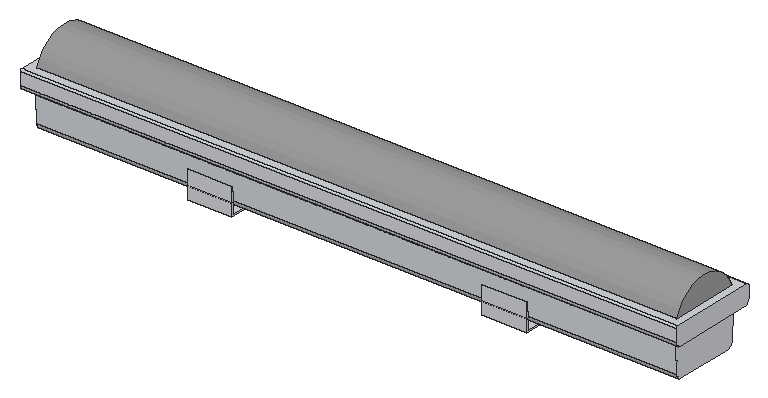
Revit family "0010202", category Lighting Fixtures, host Face, Revit 2017 (continued)
Types (60, lengths in mm): name | Weight | Wattage | TypeName | built-in parameter 1150134 | Photometric Web File | built-in parameter 1150142 | PowerFactor | PowerConsumption | NominalLength | Name | ModelReference | ModelNumber | Model | LuminousEfficacy | built-in parameter 1150105 | Lumens | LampNominalLuminous | LampMacAdamStep | LampColourTemperature | LENGHT_SYL | LENGHT_CHAMFER_SYL | LENGHT-_SYL | LENGHT-_CHAMFER_SYL | L0650_SYL | L1500_SYL | L1200_SYL | built-in parameter 1150107 | built-in parameter 1150106 | built-in parameter 1150104 | DocumentationLiterature | Description | BRACKET_WIDTH_SYL | BRACKET_DIST_SYL | Apparent Load
  0010244 RESISTO 1500 IP66 7100LM 840 | "15.48 kg" | 52 W | "Resisto  1500 IP66 7100lm 840" | 12 | "0010244.ies" | "IESNA:LM-63-2002\r\n[TEST] 0010244\r\n[TESTLAB] Sylvania\r\n[TESTDATE] 3 Nov 2020\r\n[ISSUEDATE] 3 Nov 2020\r\n[MANUFAC] Sylvania\r\n[LUMCAT] 0010244\r\n[LUMINAIRE] Resisto  1500 IP65 7100lm 840\r\n[FLASHAREA] 0.089789\r\n[LAMPCAT] 0010244 Resisto  1500 IP65 7100lm 840\r\n[LAMP] 0010244 Resisto  1500 IP65 7100lm 840\r\n[OTHER] Absolute Photometry\r\nTILT=NONE\r\n1 -1 1.0 37 5 1 2 0.087 1.500 0.040\r\n1.00 1.00 52.00\r\n0.00 5.00 10.00 15.00 20.00 25.00 30.00 35.00 40.00 45.00 \r\n50.00 55.00 60.00 65.00 70.00 75.00 80.00 85.00 90.00 \r\n95.00 100.00 105.00 110.00 115.00 120.00 125.00 130.00 \r\n135.00 140.00 145.00 150.00 155.00 160.00 165.00 170.00 \r\n175.00 180.00 \r\n0.00 22.50 45.00 67.50 90.00 \r\n2367.47 2356.02 2324.76 2272.20 2198.63 2105.24 1987.17 \r\n1846.52 1688.18 1517.62 1338.36 1156.08 971.57 783.85 \r\n591.59 393.32 202.43 52.39 6.01 6.30 6.57 6.76 7.10 7.68 \r\n8.39 9.20 10.13 11.16 12.31 13.49 14.68 15.88 17.00 18.00 \r\n18.82 19.40 19.74 \r\n2367.47 2349.24 2296.67 2224.41 2147.44 2064.85 1969.74 \r\n1864.14 1753.47 1637.55 1496.04 1306.61 1062.42 799.80 \r\n568.49 386.68 253.61 155.92 88.10 42.34 20.69 8.20 8.36 \r\n8.98 9.63 10.20 10.85 11.66 12.58 13.56 14.58 15.60 16.62 \r\n17.58 18.40 19.03 19.74 \r\n2367.47 2328.60 2259.79 2218.67 2171.13 2138.40 2120.20 \r\n2071.15 1967.59 1757.24 1446.66 1125.84 867.94 675.23 \r\n529.82 419.20 329.31 252.14 190.91 142.68 97.88 59.77 \r\n33.65 17.18 13.00 13.06 13.10 13.13 13.40 14.02 14.79 \r\n15.60 16.48 17.37 18.17 18.79 19.74 \r\n2367.47 2314.26 2259.55 2234.81 2232.44 2253.44 2231.61 \r\n2133.96 1911.56 1589.01 1283.83 1043.67 851.91 704.01 \r\n595.10 503.61 411.49 330.33 264.35 193.78 120.32 80.62 \r\n53.27 34.65 21.87 14.63 14.47 14.48 14.40 14.43 14.88 \r\n15.65 16.45 17.33 18.17 18.86 19.74 \r\n2367.47 2303.57 2263.14 2242.32 2275.54 2286.48 2253.15 \r\n2110.69 1838.62 1518.82 1247.27 1030.13 856.34 727.33 \r\n628.76 536.67 440.52 354.88 277.57 188.41 117.32 83.97 \r\n59.81 43.31 30.25 20.51 17.63 17.42 17.29 17.13 17.24 \r\n17.82 18.54 19.20 19.71 19.97 19.74 \r\n" | 0.95 | "52.0 W" | 1500 | "Resisto  1500 IP66 7100lm 840" | "Resisto  1500 IP66 7100lm 840" | "0010244" | "Resisto  1500 IP66 7100lm 840" | "137 lm/W" | -16865856.3 (stored number, unit not read) | 7124 lm | "7100 lm" | "5" | "4000 K" | 742 | 750 | -742 | -750 | no | yes | no | 4000 (stored number, unit not read) | -168658.6 (stored number, unit not read) | 12.728 (stored number, unit not read) | "http://www.sylvania-lighting.com/product/en-int/products/0010244" | "Resisto, integrated LED weatherproof luminaire, with UV stabilized flat diffuser designed to achieve uniform lit appearance, optimise light output and to reduce glare. 301 stainless steel diffuser clips and fixing brackets for surface mounting. Polycarbonate housing and diffuser - no yellow discolouration over time. 7100lm; 52W; 137lm/W; 4000K; SDCM<5; non dimmable; CRI80; IP66; IK08; Class I; 69,000hrs (L80B20) lifespan; 1500mm x 89mm x 88mm; D-mark." | 550 | 594 | 52 VA
  0010243 RESISTO 1500 IP66 4000LM 840 | "1.87 kg" | 30 W | "Resisto  1500 IP66 4000lm 840" | 12 | "0010243.ies" | "IESNA:LM-63-2002\r\n[TEST] 0010243\r\n[TESTLAB] Sylvania\r\n[TESTDATE] 27 Jan 2000\r\n[ISSUEDATE] 27 Jan 2000\r\n[MANUFAC] Sylvania\r\n[LUMCAT] 0010243\r\n[LUMINAIRE] RESISTO 1500 IP66 4000LM 840\r\n[FLASHAREA] 0.089789\r\n[LAMPCAT] 0010243 RESISTO 1500 IP66 4000LM 840\r\n[LAMP] 0010243 RESISTO 1500 IP66 4000LM 840\r\nTILT=NONE\r\n1 4000.00 1.0 37 5 1 2 1.500 0.087 0.040\r\n1.00 1.00 30.00\r\n0.00 5.00 10.00 15.00 20.00 25.00 30.00 35.00 40.00 45.00 \r\n50.00 55.00 60.00 65.00 70.00 75.00 80.00 85.00 90.00 \r\n95.00 100.00 105.00 110.00 115.00 120.00 125.00 130.00 \r\n135.00 140.00 145.00 150.00 155.00 160.00 165.00 170.00 \r\n175.00 180.00 \r\n0.00 22.50 45.00 67.50 90.00 \r\n1286.32 1268.98 1235.94 1226.29 1235.67 1250.19 1239.32 \r\n1175.04 1040.45 866.98 712.81 589.01 489.23 414.91 359.03 \r\n307.98 254.03 204.75 161.70 113.20 70.90 50.03 36.06 \r\n26.60 18.72 12.48 9.85 9.61 9.50 9.38 9.42 9.69 10.16 \r\n10.56 10.83 10.95 10.79 \r\n1286.32 1269.18 1235.63 1223.42 1220.13 1235.35 1227.78 \r\n1181.71 1069.65 900.02 732.90 597.68 489.39 405.10 343.03 \r\n291.50 239.47 192.43 153.86 115.48 71.85 48.58 32.57 \r\n22.01 14.17 8.83 8.00 7.93 7.85 7.85 8.00 8.44 8.95 9.42 \r\n9.85 10.24 10.79 \r\n1286.32 1274.98 1239.36 1214.05 1191.84 1175.16 1166.84 \r\n1143.50 1092.49 985.60 822.80 647.44 502.77 392.94 309.79 \r\n246.89 196.15 151.66 115.40 87.74 60.74 37.94 22.29 12.12 \r\n7.49 7.34 7.26 7.26 7.26 7.53 7.97 8.44 8.91 9.38 9.81 \r\n10.16 10.79 \r\n1286.32 1282.32 1258.98 1221.89 1180.54 1135.49 1084.05 \r\n1028.02 970.22 909.44 836.65 737.53 606.12 461.80 332.78 \r\n230.45 154.88 99.39 59.45 31.04 16.01 6.67 4.67 5.06 5.38 \r\n5.65 5.96 6.36 6.83 7.34 7.89 8.44 9.02 9.50 9.93 10.32 \r\n10.79 \r\n1286.32 1282.05 1267.10 1242.22 1204.20 1153.46 1089.97 \r\n1014.52 929.92 838.89 742.83 644.50 545.22 444.30 341.18 \r\n234.41 129.17 41.04 3.45 3.45 3.57 3.65 3.69 4.00 4.43 \r\n4.87 5.38 5.93 6.55 7.22 7.89 8.55 9.18 9.77 10.20 10.56 \r\n10.79 \r\n" | 0.95 | "30 W" | 1500 | "Resisto  1500 IP66 4000lm 840" | "Resisto  1500 IP66 4000lm 840" | "0010243" | "Resisto  1500 IP66 4000lm 840" | "133 lm/W" | 1283.1 (stored number, unit not read) | 3990 lm | "4000 lm" | "5" | "4000 K" | 742 | 750 | -742 | -750 | no | yes | no | 4000 (stored number, unit not read) | 12.831 (stored number, unit not read) | 12.356 (stored number, unit not read) | "http://www.sylvania-lighting.com/product/en-int/products/0010243" | "Resisto, integrated LED weatherproof luminaire, with UV stabilized flat diffuser designed to achieve uniform lit appearance, optimise light output and to reduce glare. 301 stainless steel diffuser clips and fixing brackets for surface mounting. Polycarbonate housing and diffuser - no yellow discolouration over time. 4000lm; 30W; 133lm/W; 4000K; SDCM<5; non dimmable; CRI80; IP66; IK08; Class I; 69,000hrs (L80B20) lifespan; 1500mm x 89mm x 88mm; D-mark." | 550 | 594 | 30 VA
  0010242 RESISTO 1500 IP66 8300LM 830 | "1.95 kg" | 61 W | "Resisto  1500 IP66 8300lm 830" | (empty or 0) | "0010242.ies" | "IESNA:LM-63-2002\r\n[TEST] 0010242\r\n[TESTLAB]\r\n[MANUFAC] \r\n[LUMCAT]\r\n[LUMINAIRE] Resisto  1500 IP66 8300lm 830  /3000 \r\n[LAMP] 0010242 Resisto  1500 IP66 830/3000\r\n[BALLAST] \r\n[ISSUEDATE]\r\n[OTHER] B-Angle = 0.00 B-Tilt = 0.00 2021-02-16\r\nTILT=NONE\r\n1 8300.00 1 37 5 1 2 0.087 1.500 0.040\r\n1.0 1.0 61.00\r\n   0.00   5.00  10.00  15.00  20.00  25.00  30.00  35.00  40.00  45.00\r\n  50.00  55.00  60.00  65.00  70.00  75.00  80.00  85.00  90.00  95.00\r\n 100.00 105.00 110.00 115.00 120.00 125.00 130.00 135.00 140.00 145.00\r\n 150.00 155.00 160.00 165.00 170.00 175.00 180.00\r\n   0.00  22.50  45.00  67.50  90.00\r\n    2794.11    2777.43    2737.84    2672.02    2584.70    2469.75    2325.99\r\n    2158.25    1971.91    1771.55    1562.47    1349.33    1134.94     915.49\r\n     690.23     457.99     236.05      63.83       7.39       7.72       8.05\r\n       8.30       8.47       9.21      10.04      11.12      12.20      13.45\r\n      14.86      16.27      17.76      19.26      20.50      21.66      22.66\r\n      23.41      23.74\r\n    2794.11    2766.39    2701.24    2614.58    2523.45    2425.18    2311.22\r\n    2185.47    2055.91    1917.63    1746.65    1516.74    1223.75     916.65\r\n     650.47     441.56     288.59     177.04      99.43      46.89      23.24\r\n       9.71      10.04      10.79      11.62      12.28      13.03      14.03\r\n      15.11      16.27      17.51      18.76      19.92      21.00      21.91\r\n      22.66      23.74\r\n    2794.11    2741.99    2662.31    2613.09    2558.06    2525.86    2501.79\r\n    2443.11    2306.74    2041.38    1666.39    1295.71    1000.73     780.03\r\n     613.29     486.38     381.80     291.41     220.53     164.17     110.89\r\n      67.81      38.18      19.92      15.44      15.52      15.60      15.60\r\n      16.02      16.77      17.68      18.59      19.59      20.58      21.50\r\n      22.24      23.74\r\n    2794.11    2726.96    2665.96    2636.83    2646.95    2668.12    2640.56\r\n    2510.25    2225.56    1840.69    1490.60    1214.54     994.42     826.18\r\n     700.93     591.71     482.31     386.78     307.76     220.53     135.79\r\n      92.05      61.59      40.59      25.65      17.35      17.10      17.10\r\n      17.01      17.10      17.68      18.59      19.42      20.42      21.41\r\n      22.24      23.74\r\n    2794.11    2719.08    2674.92    2652.85    2699.66    2715.59    2670.03\r\n    2485.19    2145.30    1768.73    1455.90    1204.50    1006.04     859.05\r\n     744.51     633.79     519.00     417.24     320.96     214.06     134.96\r\n      97.61      70.22      51.13      35.94      24.40      21.00      20.67\r\n      20.50      20.25      20.42      21.16      22.08      22.74      23.41\r\n      23.65      23.74\r\n" | 0.95 | "61 W" | 1500 | "Resisto  1500 IP66 8300lm 830" | "Resisto  1500 IP66 8300lm 830" | "0010242" | "Resisto  1500 IP66 8300lm 830" | "136 lm/W" | 2792.8 (stored number, unit not read) | 8296 lm | "8300 lm" | "5" | "3000 K" | 742 | 750 | -742 | -750 | no | yes | no | 3000 (stored number, unit not read) | 27.928 (stored number, unit not read) | 12.635 (stored number, unit not read) | "http://www.sylvania-lighting.com/product/en-int/products/0010242" | "Resisto, integrated LED weatherproof luminaire, with UV stabilized flat diffuser designed to achieve uniform lit appearance, optimise light output and to reduce glare. 301 stainless steel diffuser clips and fixing brackets for surface mounting. Polycarbonate housing and diffuser - no yellow discolouration over time. 8300lm; 61W; 136lm/W; 3000K; SDCM<5; non dimmable; CRI80; IP66; IK08; Class I; 69,000hrs (L80B20) lifespan; 1500mm x 89mm x 88mm; D-mark." | 550 | 594 | 61 VA
  0010241 RESISTO 1500 IP66 7100LM 830 | "1.95 kg" | 52 W | "Resisto  1500 IP66 7100lm 830" | (empty or 0) | "0010241.ies" | "IESNA:LM-63-2002\r\n[TEST] 0010241\r\n[TESTLAB]\r\n[MANUFAC] \r\n[LUMCAT]\r\n[LUMINAIRE] Resisto  1500 IP66 7100lm 830  /3000 \r\n[LAMP] 0010241 Resisto  1500 IP66 710/3000\r\n[BALLAST] \r\n[ISSUEDATE]\r\n[OTHER] B-Angle = 0.00 B-Tilt = 0.00 2021-02-16\r\nTILT=NONE\r\n1 7100.00 1 37 5 1 2 0.087 1.500 0.040\r\n1.0 1.0 52.00\r\n   0.00   5.00  10.00  15.00  20.00  25.00  30.00  35.00  40.00  45.00\r\n  50.00  55.00  60.00  65.00  70.00  75.00  80.00  85.00  90.00  95.00\r\n 100.00 105.00 110.00 115.00 120.00 125.00 130.00 135.00 140.00 145.00\r\n 150.00 155.00 160.00 165.00 170.00 175.00 180.00\r\n   0.00  22.50  45.00  67.50  90.00\r\n    2367.50    2355.99    2324.75    2272.21    2198.66    2105.22    1987.15\r\n    1846.50    1688.17    1517.63    1338.35    1156.09     971.56     783.84\r\n     591.57     393.34     202.42      52.40       6.04       6.32       6.60\r\n       6.74       7.10       7.67       8.38       9.23      10.15      11.15\r\n      12.28      13.49      14.70      15.90      16.97      17.96      18.82\r\n      19.38      19.74\r\n    2367.50    2349.25    2296.64    2224.43    2147.47    2064.82    1969.75\r\n    1864.18    1753.49    1637.54    1496.04    1306.61    1062.44     799.82\r\n     568.50     386.67     253.61     155.92      88.11      42.32      20.66\r\n       8.24       8.38       8.95       9.66      10.22      10.86      11.64\r\n      12.57      13.56      14.55      15.62      16.61      17.61      18.39\r\n      19.03      19.74\r\n    2367.50    2328.59    2259.79    2218.68    2171.11    2138.38    2120.20\r\n    2071.14    1967.62    1757.25    1446.63    1125.85     867.98     675.21\r\n     529.80     419.18     329.30     252.12     190.92     142.71      97.91\r\n      59.78      33.65      17.18      12.99      13.06      13.14      13.14\r\n      13.42      14.06      14.77      15.62      16.47      17.40      18.18\r\n      18.82      19.74\r\n    2367.50    2314.25    2259.57    2234.80    2232.45    2253.47    2231.60\r\n    2133.98    1911.53    1588.98    1283.82    1043.70     851.93     704.04\r\n     595.12     503.60     411.52     330.36     264.33     193.76     120.35\r\n      80.59      53.25      34.65      21.87      14.63      14.48      14.48\r\n      14.41      14.41      14.91      15.62      16.47      17.32      18.18\r\n      18.89      19.74\r\n    2367.50    2303.60    2263.13    2242.32    2275.55    2286.48    2253.19\r\n    2110.69    1838.62    1518.83    1247.26    1030.14     856.33     727.32\r\n     628.78     536.69     440.55     354.86     277.54     188.43     117.29\r\n      83.99      59.78      43.31      30.25      20.52      17.61      17.40\r\n      17.32      17.11      17.25      17.82      18.53      19.17      19.74\r\n      19.95      19.74\r\n" | 0.95 | "52 W" | 1500 | "Resisto  1500 IP66 7100lm 830" | "Resisto  1500 IP66 7100lm 830" | "0010241" | "Resisto  1500 IP66 7100lm 830" | "137 lm/W" | 2375.5 (stored number, unit not read) | 7124 lm | "7100 lm" | "5" | "3000 K" | 742 | 750 | -742 | -750 | no | yes | no | 3000 (stored number, unit not read) | 23.755 (stored number, unit not read) | 12.728 (stored number, unit not read) | "http://www.sylvania-lighting.com/product/en-int/products/0010241" | "Resisto, integrated LED weatherproof luminaire, with UV stabilized flat diffuser designed to achieve uniform lit appearance, optimise light output and to reduce glare. 301 stainless steel diffuser clips and fixing brackets for surface mounting. Polycarbonate housing and diffuser - no yellow discolouration over time. 7100lm; 52W; 137lm/W; 3000K; SDCM<5; non dimmable; CRI80; IP66; IK08; Class I; 69,000hrs (L80B20) lifespan; 1500mm x 89mm x 88mm; D-mark." | 550 | 594 | 52 VA
  0010240 RESISTO 1500 IP66 4000LM 830 | "1.87 kg" | 30 W | "Resisto  1500 IP66 4000lm 830" | (empty or 0) | "0010240.ies" | "IESNA:LM-63-2002\r\n[TEST] 0010240\r\n[TESTLAB]\r\n[MANUFAC] \r\n[LUMCAT]\r\n[LUMINAIRE] Resisto  1500 IP66 4000lm 830  /3000 \r\n[LAMP] 0010240 Resisto  1500 IP66 400/3000\r\n[BALLAST] \r\n[ISSUEDATE]\r\n[OTHER] B-Angle = 0.00 B-Tilt = 0.00 2021-02-16\r\nTILT=NONE\r\n1 4000.00 1 37 5 1 2 0.087 1.500 0.040\r\n1.0 1.0 30.00\r\n   0.00   5.00  10.00  15.00  20.00  25.00  30.00  35.00  40.00  45.00\r\n  50.00  55.00  60.00  65.00  70.00  75.00  80.00  85.00  90.00  95.00\r\n 100.00 105.00 110.00 115.00 120.00 125.00 130.00 135.00 140.00 145.00\r\n 150.00 155.00 160.00 165.00 170.00 175.00 180.00\r\n   0.00  22.50  45.00  67.50  90.00\r\n    1286.32    1282.04    1267.08    1242.24    1204.20    1153.48    1089.96\r\n    1014.52     929.92     838.88     742.84     644.48     545.24     444.32\r\n     341.20     234.40     129.16      41.04       3.44       3.44       3.56\r\n       3.64       3.68       4.00       4.44       4.88       5.36       5.92\r\n       6.56       7.24       7.88       8.56       9.20       9.76      10.20\r\n      10.56      10.80\r\n    1286.32    1282.32    1258.96    1221.88    1180.52    1135.48    1084.04\r\n    1028.00     970.20     909.44     836.64     737.52     606.12     461.80\r\n     332.80     230.44     154.88      99.40      59.44      31.04      16.00\r\n       6.68       4.68       5.08       5.36       5.64       5.96       6.36\r\n       6.84       7.32       7.88       8.44       9.04       9.48       9.92\r\n      10.32      10.80\r\n    1286.32    1275.00    1239.36    1214.04    1191.84    1175.16    1166.84\r\n    1143.48    1092.48     985.60     822.80     647.44     502.76     392.92\r\n     309.80     246.88     196.16     151.64     115.40      87.72      60.76\r\n      37.96      22.28      12.12       7.48       7.32       7.24       7.24\r\n       7.24       7.52       7.96       8.44       8.92       9.36       9.80\r\n      10.16      10.80\r\n    1286.32    1269.16    1235.64    1223.44    1220.12    1235.36    1227.80\r\n    1181.72    1069.64     900.00     732.92     597.68     489.40     405.12\r\n     343.04     291.52     239.48     192.44     153.84     115.48      71.84\r\n      48.56      32.56      22.00      14.16       8.84       8.00       7.92\r\n       7.84       7.84       8.00       8.44       8.96       9.40       9.84\r\n      10.24      10.80\r\n    1286.32    1269.00    1235.96    1226.28    1235.68    1250.20    1239.32\r\n    1175.04    1040.44     867.00     712.80     589.00     489.24     414.92\r\n     359.04     308.00     254.04     204.76     161.72     113.20      70.92\r\n      50.04      36.08      26.60      18.72      12.48       9.84       9.60\r\n       9.48       9.36       9.40       9.68      10.16      10.56      10.84\r\n      10.96      10.80\r\n" | 0.95 | "30 W" | 1500 | "Resisto  1500 IP66 4000lm 830" | "Resisto  1500 IP66 4000lm 830" | "0010240" | "Resisto  1500 IP66 4000lm 830" | "133 lm/W" | 1283.1 (stored number, unit not read) | 3990 lm | "4000 lm" | "5" | "3000 K" | 742 | 750 | -742 | -750 | no | yes | no | 3000 (stored number, unit not read) | 12.831 (stored number, unit not read) | 12.356 (stored number, unit not read) | "http://www.sylvania-lighting.com/product/en-int/products/0010240" | "Resisto, integrated LED weatherproof luminaire, with UV stabilized flat diffuser designed to achieve uniform lit appearance, optimise light output and to reduce glare. 301 stainless steel diffuser clips and fixing brackets for surface mounting. Polycarbonate housing and diffuser - no yellow discolouration over time. 4000lm; 30W; 133lm/W; 3000K; SDCM<5; non dimmable; CRI80; IP66; IK08; Class I; 69,000hrs (L80B20) lifespan; 1500mm x 89mm x 88mm; D-mark." | 550 | 594 | 30 VA
  0010237 RESISTO 1200 HE IP66 DALI 4800LM 840 | "1.59 kg" | 31 W | "Resisto  1200 HE IP66 DALI 4800lm 840" | 12 | "0010237.ies" | "IESNA:LM-63-2002\r\n[TEST] 0010237\r\n[TESTLAB]\r\n[MANUFAC] \r\n[LUMCAT]\r\n[LUMINAIRE] Resisto  1200 HE IP66 DALI 480 0lm 840 /4000 \r\n[LAMP] 0010237 Resisto  1200 HE IP66 /4000\r\n[BALLAST] \r\n[ISSUEDATE]\r\n[OTHER] B-Angle = 0.00 B-Tilt = 0.00 2021-02-16\r\nTILT=NONE\r\n1 4800.00 1 37 5 1 2 0.087 1.200 0.040\r\n1.0 1.0 31.00\r\n   0.00   5.00  10.00  15.00  20.00  25.00  30.00  35.00  40.00  45.00\r\n  50.00  55.00  60.00  65.00  70.00  75.00  80.00  85.00  90.00  95.00\r\n 100.00 105.00 110.00 115.00 120.00 125.00 130.00 135.00 140.00 145.00\r\n 150.00 155.00 160.00 165.00 170.00 175.00 180.00\r\n   0.00  22.50  45.00  67.50  90.00\r\n    1585.30    1578.91    1557.22    1520.74    1469.66    1401.70    1317.94\r\n    1219.39    1109.18     989.81     864.72     736.13     606.34     476.21\r\n     348.19     224.11     111.22      27.50       4.18       4.37       4.27\r\n       4.08       4.51       4.99       5.57       6.19       6.82       7.54\r\n       8.26       9.02       9.84      10.61      11.38      12.10      12.72\r\n      13.10      13.30\r\n    1585.30    1570.46    1538.98    1498.70    1452.77    1396.03    1324.27\r\n    1241.28    1151.66    1052.98     942.19     811.20     658.03     504.43\r\n     370.46     260.59     174.00     108.24      60.86      27.89      13.54\r\n       5.33       5.57       6.00       6.48       6.91       7.34       7.92\r\n       8.54       9.31      10.03      10.75      11.47      12.14      12.58\r\n      13.01      13.30\r\n    1585.30    1561.15    1534.03    1512.67    1473.50    1439.71    1393.78\r\n    1337.04    1254.29    1125.07     948.14     769.01     616.85     494.54\r\n     396.24     315.60     248.40     191.57     144.72     104.69      70.94\r\n      43.82      23.71      11.33       8.78       8.98       9.07       9.17\r\n       9.36       9.70      10.13      10.70      11.38      12.05      12.62\r\n      12.96      13.30\r\n    1585.30    1555.73    1542.58    1520.30    1508.74    1481.04    1448.88\r\n    1376.93    1246.27    1070.35     897.55     750.29     627.46     526.90\r\n     443.95     373.97     310.37     252.43     201.26     147.98      99.12\r\n      67.34      45.65      29.04      17.09      10.80      10.61      10.42\r\n      10.32      10.32      10.46      10.80      11.33      12.00      12.62\r\n      13.06      13.30\r\n    1585.30    1554.14    1545.98    1525.30    1522.85    1497.60    1461.26\r\n    1376.26    1223.62    1048.85     887.38     750.24     635.04     542.21\r\n     463.87     396.82     332.78     271.87     213.46     153.31     104.16\r\n      75.26      53.14      36.91      24.53      15.22      12.96      12.67\r\n      12.38      12.19      12.14      12.29      12.58      13.01      13.34\r\n      13.49      13.30\r\n" | 0.98 | "31 W" | 1200 | "Resisto  1200 HE IP66 DALI 4800lm 840" | "Resisto  1200 HE IP66 DALI 4800lm 840" | "0010237" | "Resisto  1200 HE IP66 DALI 4800lm 840" | "155 lm/W" | 1587 (stored number, unit not read) | 4805 lm | "4800 lm" | "3" | "4000 K" | 592 | 600 | -592 | -600 | no | no | yes | 4000 (stored number, unit not read) | 15.87 (stored number, unit not read) | 14.4 (stored number, unit not read) | "http://www.sylvania-lighting.com/product/en-int/products/0010237" | "Resisto, integrated LED weatherproof luminaire, with UV stabilized flat diffuser designed to achieve uniform lit appearance, optimise light output and to reduce glare. 301 stainless steel diffuser clips and fixing brackets for surface mounting. Polycarbonate housing and diffuser - no yellow discolouration over time. 4800lm; 31W; 155lm/W; 4000K; SDCM<3; DALI dimmable; CRI80; IP66; IK08; Class I; 69,000hrs (L80B20) lifespan; 1200mm x 89mm x 88mm; D-mark." | 400 | 444 | 31 VA
  0010236 RESISTO 1200 HE IP66 DALI 2800LM 840 | "1.51 kg" | 18 W | "Resisto  1200 HE IP66 DALI 2800lm 840" | 12 | "0010236.ies" | "IESNA:LM-63-2002\r\n[TEST] 0010236\r\n[TESTLAB]\r\n[MANUFAC] \r\n[LUMCAT]\r\n[LUMINAIRE] Resisto  1200 HE IP66 DALI 280 0lm 840 /4000 \r\n[LAMP] 0010236 Resisto  1200 HE IP66 /4000\r\n[BALLAST] \r\n[ISSUEDATE]\r\n[OTHER] B-Angle = 0.00 B-Tilt = 0.00 2021-02-16\r\nTILT=NONE\r\n1 2800.00 1 37 5 1 2 0.087 1.200 0.040\r\n1.0 1.0 18.00\r\n   0.00   5.00  10.00  15.00  20.00  25.00  30.00  35.00  40.00  45.00\r\n  50.00  55.00  60.00  65.00  70.00  75.00  80.00  85.00  90.00  95.00\r\n 100.00 105.00 110.00 115.00 120.00 125.00 130.00 135.00 140.00 145.00\r\n 150.00 155.00 160.00 165.00 170.00 175.00 180.00\r\n   0.00  22.50  45.00  67.50  90.00\r\n     920.25     916.16     903.39     881.58     851.51     811.86     762.22\r\n     704.59     640.53     571.26     498.57     424.09     349.02     273.95\r\n     200.48     129.08      64.18      16.44       2.49       2.46       2.55\r\n       2.35       2.52       2.80       3.14       3.47       3.84       4.26\r\n       4.68       5.12       5.60       6.05       6.50       6.92       7.25\r\n       7.48       7.62\r\n     920.25     914.98     897.79     871.81     841.74     808.05     766.30\r\n     716.74     662.82     605.22     542.33     469.95     385.36     297.58\r\n     218.79     153.41     101.86      62.69      34.80      15.71       7.48\r\n       2.97       3.14       3.39       3.67       3.92       4.20       4.54\r\n       4.93       5.35       5.77       6.19       6.61       6.97       7.25\r\n       7.48       7.62\r\n     920.25     910.73     890.32     876.46     854.70     830.14     805.45\r\n     771.12     727.55     658.70     561.04     455.90     364.20     290.72\r\n     232.06     184.27     144.65     111.30      83.92      60.73      41.41\r\n      25.65      13.89       6.47       4.98       5.10       5.15       5.21\r\n       5.32       5.52       5.77       6.10       6.50       6.89       7.22\r\n       7.45       7.62\r\n     920.25     907.14     893.34     883.18     871.08     858.73     838.96\r\n     802.51     735.45     635.46     532.84     443.74     370.30     309.90\r\n     260.18     218.51     181.36     147.64     118.24      88.48      59.44\r\n      40.32      27.13      17.16       9.97       6.16       6.05       5.96\r\n       5.91       5.94       5.99       6.19       6.50       6.92       7.28\r\n       7.53       7.62\r\n     920.25     906.22     895.47     885.05     880.82     867.13     850.36\r\n     806.85     725.45     623.59     526.46     444.02     375.09     319.23\r\n     272.75     233.07     196.00     160.72     127.26      92.93      62.80\r\n      45.22      31.75      22.06      14.62       8.99       7.48       7.28\r\n       7.11       7.00       6.97       7.06       7.22       7.48       7.67\r\n       7.73       7.62\r\n" | 0.98 | "18 W" | 1200 | "Resisto  1200 HE IP66 DALI 2800lm 840" | "Resisto  1200 HE IP66 DALI 2800lm 840" | "0010236" | "Resisto  1200 HE IP66 DALI 2800lm 840" | "156 lm/W" | 922.88 (stored number, unit not read) | 2808 lm | "2800 lm" | "3" | "4000 K" | 592 | 600 | -592 | -600 | no | no | yes | 4000 (stored number, unit not read) | 9.2288 (stored number, unit not read) | 14.493 (stored number, unit not read) | "http://www.sylvania-lighting.com/product/en-int/products/0010236" | "Resisto, integrated LED weatherproof luminaire, with UV stabilized flat diffuser designed to achieve uniform lit appearance, optimise light output and to reduce glare. 301 stainless steel diffuser clips and fixing brackets for surface mounting. Polycarbonate housing and diffuser - no yellow discolouration over time. 2800lm; 18W; 156lm/W; 4000K; SDCM<3; DALI dimmable; CRI80; IP66; IK08; Class I; 69,000hrs (L80B20) lifespan; 1200mm x 89mm x 88mm; D-mark." | 400 | 444 | 18 VA
  0010235 RESISTO 1200 HE IP66 4800LM 840 EM | "2.12 kg" | 35 W | "Resisto  1200 HE IP66 4800lm 840 EM" | 12 | "0010235.ies" | "IESNA:LM-63-2002\r\n[TEST] 0010235\r\n[TESTLAB]\r\n[MANUFAC] \r\n[LUMCAT]\r\n[LUMINAIRE] Resisto  1200 HE IP66 4800lm 8 40 EM /4000 \r\n[LAMP] 0010235 Resisto  1200 HE IP66 /4000\r\n[BALLAST] \r\n[ISSUEDATE]\r\n[OTHER] B-Angle = 0.00 B-Tilt = 0.00 2021-02-16\r\nTILT=NONE\r\n1 4800.00 1 37 5 1 2 0.087 1.200 0.040\r\n1.0 1.0 35.00\r\n   0.00   5.00  10.00  15.00  20.00  25.00  30.00  35.00  40.00  45.00\r\n  50.00  55.00  60.00  65.00  70.00  75.00  80.00  85.00  90.00  95.00\r\n 100.00 105.00 110.00 115.00 120.00 125.00 130.00 135.00 140.00 145.00\r\n 150.00 155.00 160.00 165.00 170.00 175.00 180.00\r\n   0.00  22.50  45.00  67.50  90.00\r\n    1585.30    1578.91    1557.22    1520.74    1469.66    1401.70    1317.94\r\n    1219.39    1109.18     989.81     864.72     736.13     606.34     476.21\r\n     348.19     224.11     111.22      27.50       4.18       4.37       4.27\r\n       4.08       4.51       4.99       5.57       6.19       6.82       7.54\r\n       8.26       9.02       9.84      10.61      11.38      12.10      12.72\r\n      13.10      13.30\r\n    1585.30    1570.46    1538.98    1498.70    1452.77    1396.03    1324.27\r\n    1241.28    1151.66    1052.98     942.19     811.20     658.03     504.43\r\n     370.46     260.59     174.00     108.24      60.86      27.89      13.54\r\n       5.33       5.57       6.00       6.48       6.91       7.34       7.92\r\n       8.54       9.31      10.03      10.75      11.47      12.14      12.58\r\n      13.01      13.30\r\n    1585.30    1561.15    1534.03    1512.67    1473.50    1439.71    1393.78\r\n    1337.04    1254.29    1125.07     948.14     769.01     616.85     494.54\r\n     396.24     315.60     248.40     191.57     144.72     104.69      70.94\r\n      43.82      23.71      11.33       8.78       8.98       9.07       9.17\r\n       9.36       9.70      10.13      10.70      11.38      12.05      12.62\r\n      12.96      13.30\r\n    1585.30    1555.73    1542.58    1520.30    1508.74    1481.04    1448.88\r\n    1376.93    1246.27    1070.35     897.55     750.29     627.46     526.90\r\n     443.95     373.97     310.37     252.43     201.26     147.98      99.12\r\n      67.34      45.65      29.04      17.09      10.80      10.61      10.42\r\n      10.32      10.32      10.46      10.80      11.33      12.00      12.62\r\n      13.06      13.30\r\n    1585.30    1554.14    1545.98    1525.30    1522.85    1497.60    1461.26\r\n    1376.26    1223.62    1048.85     887.38     750.24     635.04     542.21\r\n     463.87     396.82     332.78     271.87     213.46     153.31     104.16\r\n      75.26      53.14      36.91      24.53      15.22      12.96      12.67\r\n      12.38      12.19      12.14      12.29      12.58      13.01      13.34\r\n      13.49      13.30\r\n" | 0.95 | "35 W" | 1200 | "Resisto  1200 HE IP66 4800lm 840 EM" | "Resisto  1200 HE IP66 4800lm 840 EM" | "0010235" | "Resisto  1200 HE IP66 4800lm 840 EM" | "137 lm/W" | 1583.6 (stored number, unit not read) | 4795 lm | "4800 lm" | "3" | "4000 K" | 592 | 600 | -592 | -600 | no | no | yes | 4000 (stored number, unit not read) | 15.836 (stored number, unit not read) | 12.728 (stored number, unit not read) | "http://www.sylvania-lighting.com/product/en-int/products/0010235" | "Resisto, integrated LED weatherproof luminaire, with UV stabilized flat diffuser designed to achieve uniform lit appearance, optimise light output and to reduce glare. 301 stainless steel diffuser clips and fixing brackets for surface mounting. Polycarbonate housing and diffuser - no yellow discolouration over time. 4800lm; 35W; 137lm/W; 4000K; SDCM<3; non dimmable; CRI80; IP66; IK08; Class I; 69,000hrs (L80B20) lifespan; 1200mm x 89mm x 88mm; D-mark; 3-hour maintained emergency batteries." | 400 | 444 | 35 VA
  0010234 RESISTO 1200 HE IP66 2800LM 840 EM | "2.12 kg" | 22 W | "Resisto  1200 HE IP66 2800lm 840 EM" | 12 | "0010234.ies" | "IESNA:LM-63-2002\r\n[TEST] 0010234\r\n[TESTLAB]\r\n[MANUFAC] \r\n[LUMCAT]\r\n[LUMINAIRE] Resisto  1200 HE IP66 2800lm 8 40 EM /4000 \r\n[LAMP] 0010234 Resisto  1200 HE IP66 /4000\r\n[BALLAST] \r\n[ISSUEDATE]\r\n[OTHER] B-Angle = 0.00 B-Tilt = 0.00 2021-02-16\r\nTILT=NONE\r\n1 2800.00 1 37 5 1 2 0.087 1.200 0.040\r\n1.0 1.0 22.00\r\n   0.00   5.00  10.00  15.00  20.00  25.00  30.00  35.00  40.00  45.00\r\n  50.00  55.00  60.00  65.00  70.00  75.00  80.00  85.00  90.00  95.00\r\n 100.00 105.00 110.00 115.00 120.00 125.00 130.00 135.00 140.00 145.00\r\n 150.00 155.00 160.00 165.00 170.00 175.00 180.00\r\n   0.00  22.50  45.00  67.50  90.00\r\n     920.25     916.16     903.39     881.58     851.51     811.86     762.22\r\n     704.59     640.53     571.26     498.57     424.09     349.02     273.95\r\n     200.48     129.08      64.18      16.44       2.49       2.46       2.55\r\n       2.35       2.52       2.80       3.14       3.47       3.84       4.26\r\n       4.68       5.12       5.60       6.05       6.50       6.92       7.25\r\n       7.48       7.62\r\n     920.25     914.98     897.79     871.81     841.74     808.05     766.30\r\n     716.74     662.82     605.22     542.33     469.95     385.36     297.58\r\n     218.79     153.41     101.86      62.69      34.80      15.71       7.48\r\n       2.97       3.14       3.39       3.67       3.92       4.20       4.54\r\n       4.93       5.35       5.77       6.19       6.61       6.97       7.25\r\n       7.48       7.62\r\n     920.25     910.73     890.32     876.46     854.70     830.14     805.45\r\n     771.12     727.55     658.70     561.04     455.90     364.20     290.72\r\n     232.06     184.27     144.65     111.30      83.92      60.73      41.41\r\n      25.65      13.89       6.47       4.98       5.10       5.15       5.21\r\n       5.32       5.52       5.77       6.10       6.50       6.89       7.22\r\n       7.45       7.62\r\n     920.25     907.14     893.34     883.18     871.08     858.73     838.96\r\n     802.51     735.45     635.46     532.84     443.74     370.30     309.90\r\n     260.18     218.51     181.36     147.64     118.24      88.48      59.44\r\n      40.32      27.13      17.16       9.97       6.16       6.05       5.96\r\n       5.91       5.94       5.99       6.19       6.50       6.92       7.28\r\n       7.53       7.62\r\n     920.25     906.22     895.47     885.05     880.82     867.13     850.36\r\n     806.85     725.45     623.59     526.46     444.02     375.09     319.23\r\n     272.75     233.07     196.00     160.72     127.26      92.93      62.80\r\n      45.22      31.75      22.06      14.62       8.99       7.48       7.28\r\n       7.11       7.00       6.97       7.06       7.22       7.48       7.67\r\n       7.73       7.62\r\n" | 0.95 | "22 W" | 1200 | "Resisto  1200 HE IP66 2800lm 840 EM" | "Resisto  1200 HE IP66 2800lm 840 EM" | "0010234" | "Resisto  1200 HE IP66 2800lm 840 EM" | "127 lm/W" | 918.28 (stored number, unit not read) | 2794 lm | "2800 lm" | "3" | "4000 K" | 592 | 600 | -592 | -600 | no | no | yes | 4000 (stored number, unit not read) | 9.1828 (stored number, unit not read) | 11.799 (stored number, unit not read) | "http://www.sylvania-lighting.com/product/en-int/products/0010234" | "Resisto, integrated LED weatherproof luminaire, with UV stabilized flat diffuser designed to achieve uniform lit appearance, optimise light output and to reduce glare. 301 stainless steel diffuser clips and fixing brackets for surface mounting. Polycarbonate housing and diffuser - no yellow discolouration over time. 2800lm; 22W; 127lm/W; 4000K; SDCM<3; non dimmable; CRI80; IP66; IK08; Class I; 69,000hrs (L80B20) lifespan; 1200mm x 89mm x 88mm; D-mark; 3-hour maintained emergency batteries." | 400 | 444 | 22 VA
